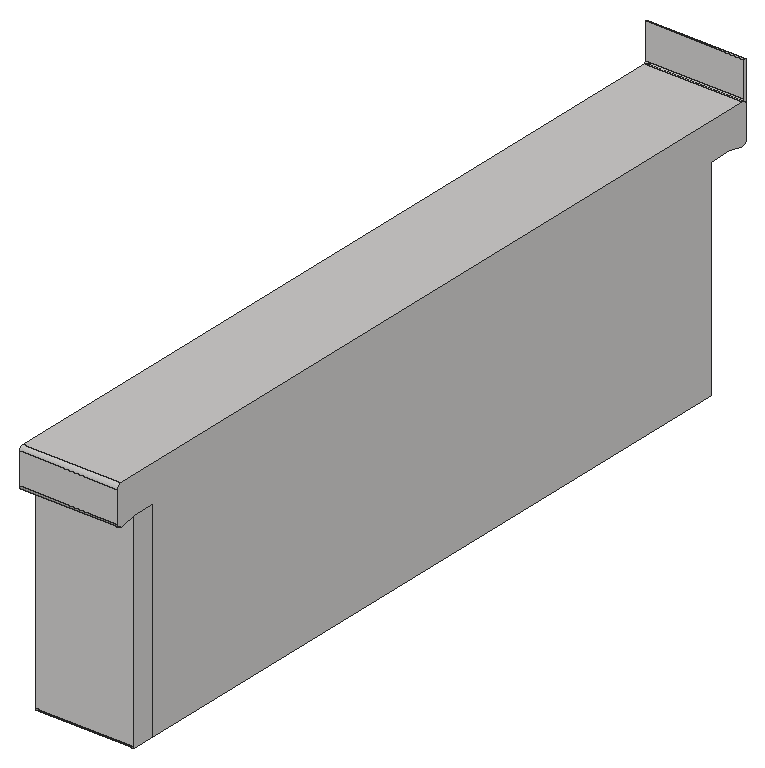
Revit family "QF_ELECTROLUXPROFESSIONAL_588103_MANABBAOOO", category Specialty Equipment, Revit 2018
Family settings
  Round Connector Dimension = Use Diameter
  Part Type = Normal
  Work Plane-Based = No
  Always vertical = Yes
  Cut with Voids When Loaded = No
  Shared = No
  Room Calculation Point = No
Parameters
  Weight in Pounds = 11.02
  URL Cutsheet = "www.electrolux.com/professional"
  URL = "www.electrolux.com/professional"
  Type Mark [instance] = ""
  Status [instance] = ""
  Specification by User [instance] = ""
  Specification by Manufacturer = ""
  Serial Number = ""
  Seismic Rating = ""
  SMACNA No = ""
  Revision Code [instance] = ""
  Omniclass Number and Title = ""
  NAFEM Spec ID Number = ""
  Model = "588103"
  Masterspec = ""
  Manufacturer = "ELECTROLUX"
  Item Number [instance] = ""
  Installed By [instance] = ""
  Identify Quantity as Lot [instance] = yes
  Furnished By [instance] = ""
  Foodservice Equipment Identifier [instance] = yes
  Direct Waste Size = 0"
  Description = "CLOSED WORK TOP,1-S,BACKSPL,100X800X250H"
  CSI MasterFormat = ""
  CSI Master Format = ""
Reference planes
  plane 1 "BACK": y = 0
  plane 2: z = 0
  plane 3 "LEFT": x = 0
  plane 4 "RIGHT": x = 100
  plane 5 "FRONT": y = -800
  plane 6 "TOP": z = 250
  plane 7 "Center Y": x = 50
  plane 8 "Center X": y = -400
  plane 9: z = 288
Forms (mm)
  Extrusion 1, solid, material "QF_Finishes_Stainless Steel"
    sketch origin (0, 50.048, 0) x (0, 1, 0) y (0, 0, 1)
      loop
        line (-95.048, 213) -> (-71.412, 213) -> (-54.743, 210.061)
        arc (-54.743, 210.061) -> (-51.477, 210.936) -> (-50.048, 214) r 4
        line (-50.048, 214) -> (-50.048, 246)
        arc (-50.048, 246) -> (-51.22, 248.828) -> (-54.048, 250) r 4
        line (-54.048, 250) -> (-846.048, 250)
        arc (-846.048, 250) -> (-848.877, 248.828) -> (-850.048, 246) r 4
        line (-850.048, 246) -> (-850.048, 214)
        arc (-850.048, 214) -> (-848.619, 210.936) -> (-845.353, 210.061) r 4
        line (-845.353, 210.061) -> (-828.509, 213) -> (-805.048, 213) -> (-805.048, 0) -> (-95.048, 0) -> (-95.048, 213)
    from 0 to 100
  Extrusion 2, solid, material "QF_Finishes_Stainless Steel"
    sketch origin (0, 50.048, 0) x (0, 1, 0) y (0, 0, 1)
      loop
        arc (-828.048, 213) -> (-829.462, 212.414) -> (-830.048, 211) r 2
        line (-830.048, 211) -> (-830.048, 2)
        arc (-830.048, 2) -> (-829.462, 0.586) -> (-828.048, 0) r 2
        line (-828.048, 0) -> (-805.048, 0) -> (-805.048, 213) -> (-828.048, 213)
    from 0 to 100
  Extrusion 3, solid, material "QF_Finishes_Stainless Steel"
    sketch origin (0, -950.048, 0) x (0, -1, 0) y (0, 0, -1)
      loop
        arc (-948.097, -252.006) -> (-947.511, -250.592) -> (-946.097, -250.006) r 2
        arc (-946.097, -250.006) -> (-948.877, -248.828) -> (-950.048, -246) r 4
        line (-950.048, -246) -> (-950.048, -288.006) -> (-948.097, -288.006) -> (-948.097, -252.006)
    from 0 to 100
Lines and regions (mm)
  symbolic lines
    curve 1: line (0, 0, 0) -> (100, 0, 0)
    curve 2: line (0, -800, 0) -> (0, 0, 0)
    curve 3: line (100, -800, 0) -> (0, -800, 0)
    curve 4: line (100, 0, 0) -> (100, -800, 0)
    curve 5: line (0, -1.951, 0) -> (100, -1.951, 0)
Dimensions and locks
  equal spacing: plane 3 "LEFT", plane 7 "Center Y", plane 4 "RIGHT"
  plane 3 "LEFT" to plane 4 "RIGHT" = 100.00 mm
  equal spacing: plane 5 "FRONT", plane 8 "Center X", plane 1 "BACK"
  plane 5 "FRONT" to plane 1 "BACK" = 800.00 mm
  plane 6 "TOP" to level = 250.00 mm
  plane 9 to level = 288.00 mm
  plane 9 to plane 6 "TOP" = 38.00 mm
  aligned and locked: level to plane 2
  aligned and locked: Extrusion 1 to plane 4 "RIGHT"
  aligned and locked: Extrusion 2 to plane 4 "RIGHT"
  aligned and locked: Extrusion 3 to plane 4 "RIGHT"
Automatic sketch dimensions
  Extrusion 1 sketch curve to plane 5 "FRONT" = 0.00 mm
  Extrusion 1 sketch curve to plane 6 "TOP" = 0.00 mm
  Extrusion 1 sketch curve to level = 0.00 mm
  Extrusion 1 sketch curve to plane 1 "BACK" = 0.00 mm
  Extrusion 1 sketch curve to plane 5 "FRONT" = 4.695 mm
  Extrusion 1 sketch curve to plane 6 "TOP" = 39.939 mm
  Extrusion 1 sketch curve to plane 5 "FRONT" = 4.00 mm  (x2)
  Extrusion 1 sketch curve to Extrusion 1 sketch curve = 16.844 mm
  Extrusion 1 sketch curve to plane 5 "FRONT" = 45.00 mm
  plane 1 "BACK" to Extrusion 1 sketch curve = 45.00 mm
  plane 1 "BACK" to Extrusion 1 sketch curve = 21.364 mm
  plane 1 "BACK" to Extrusion 1 sketch curve = 4.00 mm
  plane 1 "BACK" to Extrusion 1 sketch curve = 4.695 mm
  Extrusion 1 sketch curve to Extrusion 1 sketch curve = 0.00 mm  (x2)
  Extrusion 1 sketch curve to Extrusion 1 sketch curve = 4.00 mm
  Extrusion 1 sketch curve to plane 6 "TOP" = 37.00 mm  (x2)
  Extrusion 1 sketch curve to Extrusion 1 sketch curve = 1.00 mm
  Extrusion 2 sketch curve to level = 0.00 mm
  Extrusion 2 sketch curve to plane 5 "FRONT" = 20.00 mm
  level to Extrusion 2 sketch curve = 2.00 mm
  Extrusion 2 sketch curve to Extrusion 2 sketch curve = 2.00 mm
  Extrusion 2 sketch curve to Extrusion 2 sketch curve = 23.00 mm
  Extrusion 2 sketch curve to plane 6 "TOP" = 39.00 mm
  Extrusion 3 sketch curve to plane 1 "BACK" = 0.00 mm  (x2)
  Extrusion 3 sketch curve to plane 6 "TOP" = 2.006 mm
  Extrusion 3 sketch curve to plane 6 "TOP" = 0.00 mm
  Extrusion 3 sketch curve to plane 9 = 0.006 mm
  Extrusion 3 sketch curve to Extrusion 3 sketch curve = 1.951 mm
  Extrusion 3 sketch curve to Extrusion 3 sketch curve = 2.00 mm
  Extrusion 3 sketch curve to Extrusion 3 sketch curve = 0.049 mm
  Extrusion 3 sketch curve to Extrusion 3 sketch curve = 0.00 mm
  plane 1 "BACK" to curve 1 = 0.00 mm
  curve 1 to plane 3 "LEFT" = 0.00 mm
  curve 1 to plane 4 "RIGHT" = 0.00 mm
  plane 5 "FRONT" to curve 4 = 0.00 mm
  curve 5 to curve 1 = 1.951 mm
